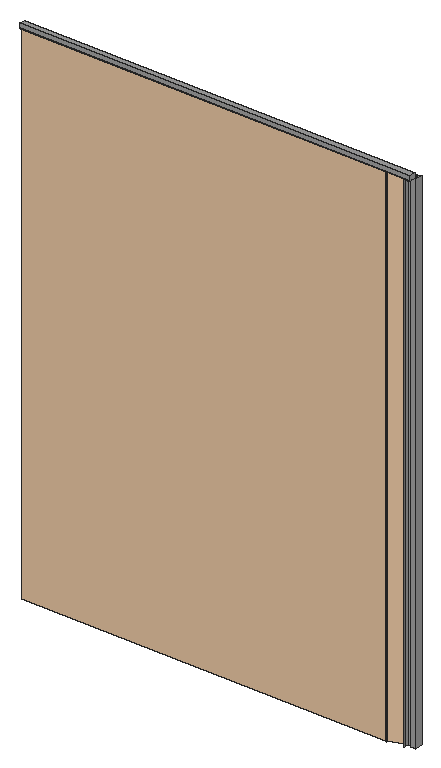
Revit family "Woodfold-Accordion-Door-Family-Series-220", category Doors, host Wall, Revit 2026
Family settings
  Host = Wall
  Always vertical = Yes
  Cut with Voids When Loaded = No
  Shared = No
  Room Calculation Point = No
Parameters (values of type "6'-0" x 8'-0" Surface Mounted")
  URL = "www.woodfold.com"
  Type Comments = "Max Wd. 8'-0\", Max Ht. 8'-0\""
  Track Material = Plastic - Formed Plastic
  Surface Mounted Track = yes
  Stack Dimension = 0.1041 * Width + 0' 2 3/4"  # 0' - 10.2452"
  Recessed Track = no
  Panel Offset from Top = 0' - 1 3/16"
  Panel Material = Woodfold - Cherry
  Panel Connector Material = Plastic - Formed Plastic
  Model = "Series 140"
  Manufacturer = "Woodfold Door"
  Function = Interior
  Frame Visibility = no
  Frame Projection Ext. = 0' - 1"
  Frame Projection Int. = 0' - 1"
  Frame Width = 0' - 3"
  Height = 8' - 0"
  Wall Closure = By host
  Width = 6' - 0"
  Description = "Interior door"
  Assembly Code = ""
Reference planes (in)
  plane 1 "Center (Front/Back)": y = 0
  plane 2 "Center (Left/Right)": x = 0
  plane 3 "Left": x = -36
  plane 4 "Right": x = 36
  plane 5 "Top": z = 96
  plane 6 "Stack End": x = -25.7548
  plane 7 "T.O. Door Panel": z = 94.8125
  plane 8 "Middle": z = 48
Forms (in)
  Extrusion 1, solid, visible <- "Frame Visibility"
    sketch origin (-90, 3, 0) x (-1, 0, 0) y (0, 0, 1)
      loop
        line (-126, 96) -> (-54, 96) -> (-54, 0) -> (-51, 0) -> (-51, 99) -> (-129, 99) -> (-129, 0) -> (-126, 0) -> (-126, 96)
    from 0 to 1
  Extrusion 2, solid, visible <- "Frame Visibility"
    sketch origin (-90, -3, 0) x (1, 0, 0) y (0, 0, 1)
      loop
        line (54, 0) -> (54, 96) -> (126, 96) -> (126, 0) -> (129, 0) -> (129, 99) -> (51, 99) -> (51, 0) -> (54, 0)
    from 0 to 1
  Extrusion 3, solid, material "Woodfold - Cherry" <- "Panel Material", visible <- "Surface Mounted Track"
    sketch origin (0, 0, 0) x (1, 0, 0) y (0, 1, 0)
      loop
        line (-35.75, 0.125) -> (-35.75, 1.75) -> (-36, 1.75) -> (-36, -0.125) -> (31.33602, -0.125) -> (31.33602, 0.125) -> (-35.75, 0.125)
    from 0.5 to 94.8125
  Extrusion 4, solid, material "Plastic - Formed Plastic" <- "Panel Connector Material", visible <- "Surface Mounted Track"
    sketch origin (0, 1.77518, 0) x (1, 0, 0) y (0, 1, 0)
      loop
        line (34.28125, -0.66254) -> (34.28125, -1.33486)
        arc (34.28125, -1.33486) -> (34.32813, -1.47549) -> (34.375, -1.33486) r 0.07812
        line (34.375, -1.33486) -> (34.375, -0.72549) -> (35.125, -0.41883) -> (35.125, -0.95822) -> (36, -0.85827) -> (36, 0.4116) -> (34.8125, -0.07395) -> (34.8125, -0.17523) -> (35.50129, 0.1064) -> (35.59591, -0.125) -> (34.28125, -0.66254)
    from 0.5 to 94.8125
  Extrusion 5, solid, material "Woodfold - Cherry" <- "Panel Material", visible <- "Surface Mounted Track"
    sketch origin (0, 1.77518, 0) x (1, 0, 0) y (0, 1, 0)
      loop
        line (35.50129, 0.1064) -> (31.33602, -1.59669) -> (31.33602, -1.73348)
        arc (31.33602, -1.73348) -> (31.26912, -1.895) -> (31.43064, -1.8281) r 0.09462
        line (31.43064, -1.8281) -> (35.59591, -0.125) -> (35.50129, 0.1064)
    from 0.5 to 94.8125
  Sweep 6, solid, material "Plastic - Formed Plastic" <- "Track Material", visible <- "Surface Mounted Track"
    path origin (0, 0, 0) x (1, 0, 0) y (0, 0, 1)
      loop
        line (36, 96) -> (-36, 96)
    profile origin (0, 0, 96) x (0, 0, -1) y (0, -1, 0)
      loop
        line (0.78289, -0.15789) -> (0.78289, 0.15789) -> (0.9375, 0.3125) -> (0.9375, 0.4375) -> (0.8125, 0.5625) -> (0, 0.5625) -> (0, -0.5625) -> (0.8125, -0.5625) -> (0.9375, -0.4375) -> (0.9375, -0.3125) -> (0.78289, -0.15789)
  Extrusion 7, solid, material "Woodfold - Cherry" <- "Panel Material", visible <- "Recessed Track"
    sketch origin (0, 0, 0) x (1, 0, 0) y (0, 1, 0)
      loop
        line (-35.75, 0.125) -> (-35.75, 1.75) -> (-36, 1.75) -> (-36, -0.125) -> (31.33602, -0.125) -> (31.33602, 0.125) -> (-35.75, 0.125)
    from 0.5 to 96
  Extrusion 8, solid, material "Plastic - Formed Plastic" <- "Panel Connector Material", visible <- "Recessed Track"
    sketch origin (0, 1.77518, 0) x (1, 0, 0) y (0, 1, 0)
      loop
        line (34.28125, -0.66254) -> (34.28125, -1.33486)
        arc (34.28125, -1.33486) -> (34.32813, -1.47549) -> (34.375, -1.33486) r 0.07812
        line (34.375, -1.33486) -> (34.375, -0.72549) -> (35.125, -0.41883) -> (35.125, -0.95822) -> (36, -0.85827) -> (36, 0.4116) -> (34.8125, -0.07395) -> (34.8125, -0.17523) -> (35.50129, 0.1064) -> (35.59591, -0.125) -> (34.28125, -0.66254)
    from 0.5 to 96
  Extrusion 9, solid, material "Woodfold - Cherry" <- "Panel Material", visible <- "Recessed Track"
    sketch origin (0, 1.77518, 0) x (1, 0, 0) y (0, 1, 0)
      loop
        line (35.50129, 0.1064) -> (31.33602, -1.59669) -> (31.33602, -1.73348)
        arc (31.33602, -1.73348) -> (31.26912, -1.895) -> (31.43064, -1.8281) r 0.09462
        line (31.43064, -1.8281) -> (35.59591, -0.125) -> (35.50129, 0.1064)
    from 0.5 to 96
Lines and regions (in)
  Opening 1
    outline origin (-90, -3, 0) x (1, 0, 0) y (0, 0, 1)
      loop
        line (54, 0) -> (126, 0) -> (126, 96) -> (54, 96) -> (54, 0)
  symbolic lines, style "Elevation Swing"
    curve 1: line (36, 0, 0) -> (-36, 0, 48)
    curve 2: line (-36, 0, 48) -> (36, 0, 96)
Text (in)
  text "Exterior" at (-74.96733, 27.31104, 0), in view "Ref. Level"
  text "Interior" at (-74.96733, -25.14366, 0), in view "Ref. Level"
  text "Exterior" at (0, 40.15149, 123.01588), in view "Right"
  text "Interior" at (0, -64.39139, 123.01588), in view "Right"
  text "Interior" at (0, -31.01599, 123.00693), in view "Left"
  text "Exterior" at (0, 54.57065, 123.00693), in view "Left"
Dimensions and locks (in)
  equal spacing: plane 3 "Left", plane 2 "Center (Left/Right)", plane 4 "Right"
  "Height": level to plane 5 "Top"
  "Width": plane 3 "Left" to plane 4 "Right"
  "Frame Width": Extrusion 2 sketch curve to plane 3 "Left"
  "Frame Width": Extrusion 2 sketch curve to plane 4 "Right"
  "Frame Width": Extrusion 2 sketch curve to plane 5 "Top"
  "Frame Width": Extrusion 1 sketch curve to Extrusion 1 sketch curve  (x2)
  "Frame Width": Extrusion 1 sketch curve to plane 5 "Top"
  "Frame Projection Int.": Extrusion 2 to host wall
  "Frame Projection Ext.": Extrusion 1 to host wall
  level to Extrusion 3 = 0' - 0 1/2"
  "Stack Dimension": plane 3 "Left" to plane 6 "Stack End"
  "Panel Offset from Top": plane 7 "T.O. Door Panel" to plane 5 "Top"
  equal spacing: level, plane 8 "Middle", plane 5 "Top"
  aligned and locked: plane 3 "Left" to Opening 1 sketch curve
  aligned and locked: plane 5 "Top" to Opening 1 sketch curve  (x2)
  aligned and locked: Opening 1 sketch curve to plane 4 "Right"
  aligned and locked: Opening 1 sketch curve to level
  aligned and locked: plane 5 "Top" to Extrusion 1 sketch curve  (x2)
  aligned and locked: plane 3 "Left" to Extrusion 1 sketch curve
  aligned and locked: Extrusion 1 sketch curve to plane 3 "Left"
  aligned and locked: level to Extrusion 1 sketch curve
  aligned and locked: plane 4 "Right" to Extrusion 1 sketch curve
  aligned and locked: Extrusion 1 to host wall
  aligned and locked: plane 3 "Left" to Extrusion 2 sketch curve
  aligned and locked: plane 5 "Top" to Extrusion 2 sketch curve  (x2)
  aligned and locked: plane 4 "Right" to Extrusion 2 sketch curve  (x2)
  aligned and locked: level to Extrusion 2 sketch curve
  aligned and locked: Extrusion 2 sketch curve to level
  aligned and locked: Extrusion 2 to host wall
  aligned and locked: nested 1 to plane 3 "Left"
  aligned and locked: nested 2 to nested 1
  aligned and locked: nested 2 to plane 6 "Stack End"
  aligned and locked: nested 2 to plane 3 "Left"
  aligned and locked: Extrusion 4 to Extrusion 3
  aligned and locked: Extrusion 5 to Extrusion 3
  aligned and locked: Extrusion 4 to plane 4 "Right"
  aligned and locked: Extrusion 5 to Extrusion 4
  aligned and locked: plane 5 "Top" to Sweep 6 sketch curve
  aligned and locked: plane 4 "Right" to Sweep 6 sketch curve
  aligned and locked: plane 3 "Left" to Sweep 6 sketch curve
  aligned and locked: Extrusion 3 to Extrusion 5  (x2)
  aligned and locked: plane 5 "Top" to nested 3
  aligned and locked: level to nested 3
  aligned and locked: nested 4 to plane 5 "Top"
  aligned and locked: level to nested 4
  aligned and locked: plane 7 "T.O. Door Panel" to Extrusion 5
  aligned and locked: Extrusion 3 to Extrusion 4
  aligned and locked: Extrusion 8 to Extrusion 7
  aligned and locked: Extrusion 9 to Extrusion 7
  aligned and locked: Extrusion 9 to Extrusion 8
  aligned and locked: Extrusion 7 to Extrusion 9
  aligned and locked: Extrusion 7 to Extrusion 8
Automatic sketch dimensions
  Extrusion 1 sketch curve to level = 0' - 0"
  Extrusion 2 sketch curve to level = 0' - 0"
  Extrusion 4 sketch curve to Extrusion 4 sketch curve = 0' - 0.67233"
  Extrusion 4 sketch curve to Extrusion 4 sketch curve = 0' - 0 3/64"  (x2)
  Extrusion 4 sketch curve to Extrusion 4 sketch curve = 0' - 0 1/16"
  Extrusion 4 sketch curve to Extrusion 4 sketch curve = 0' - 0.06295"
  Extrusion 4 sketch curve to host wall = 0' - 1.35635"
  Extrusion 4 sketch curve to Extrusion 4 sketch curve = 0' - 0.5394"
  Extrusion 4 sketch curve to Extrusion 4 sketch curve = 0' - 0.09996"
  Extrusion 4 sketch curve to host wall = 0' - 2.18677"
  Extrusion 4 sketch curve to host wall = 0' - 1.70123"
  Extrusion 4 sketch curve to Extrusion 4 sketch curve = 0' - 0 5/16"
  plane 4 "Right" to Extrusion 4 sketch curve = 0' - 0"
  Extrusion 4 sketch curve to Extrusion 4 sketch curve = 0' - 0.10128"
  Extrusion 4 sketch curve to host wall = 0' - 1.11264"
  Extrusion 4 sketch curve to host wall = 0' - 1.65018"
  Extrusion 4 sketch curve to host wall = 0' - 1.88158"
  Extrusion 4 sketch curve to Extrusion 4 sketch curve = 0' - 0.49871"
  Extrusion 4 sketch curve to Extrusion 4 sketch curve = 0' - 0.09462"
  Extrusion 3 sketch curve to plane 3 "Left" = 0' - 0"
  Extrusion 3 sketch curve to plane 3 "Left" = 0' - 0 1/4"
  host wall to Extrusion 3 sketch curve = 0' - 0 1/8"
  plane 4 "Right" to Extrusion 3 sketch curve = 0' - 4.66398"
  Extrusion 3 sketch curve to host wall = 0' - 0 1/8"
  Extrusion 3 sketch curve to host wall = 0' - 1 1/4"
  Extrusion 5 sketch curve to host wall = 0' - 0.0417"
  plane 4 "Right" to Extrusion 5 sketch curve = 0' - 4.66398"
  Extrusion 5 sketch curve to host wall = 0' - 0.17848"
  host wall to Extrusion 5 sketch curve = 0' - 0.05292"
  plane 4 "Right" to Extrusion 5 sketch curve = 0' - 0.49871"
  Extrusion 5 sketch curve to Extrusion 5 sketch curve = 0' - 0.09462"
  curve 1 to plane 3 "Left" = 0' - 0"
  curve 2 to plane 4 "Right" = 0' - 0"
  curve 1 to level = 0' - 0"
  curve 1 to plane 4 "Right" = 0' - 0"
  curve 1 to plane 8 "Middle" = 0' - 0"
  curve 2 to plane 5 "Top" = 0' - 0"
  Sweep 6 sketch curve to profile plane = 0' - 0"
  Sweep 6 sketch curve to plane 1 "Center (Front/Back)" = 0' - 0.15789"
  Sweep 6 sketch curve to profile plane = 0' - 0.78289"
  plane 1 "Center (Front/Back)" to Sweep 6 sketch curve = 0' - 0.15789"
  Sweep 6 sketch curve to Sweep 6 sketch curve = 0' - 0.02961"  (x2)
  Sweep 6 sketch curve to plane 1 "Center (Front/Back)" = 0' - 0 7/16"
  Sweep 6 sketch curve to Sweep 6 sketch curve = 0' - 0 1/8"  (x5)
  Sweep 6 sketch curve to plane 1 "Center (Front/Back)" = 0' - 0 9/16"
  Sweep 6 sketch curve to Sweep 6 sketch curve = 0' - 0.15461"
  Extrusion 7 sketch curve to plane 3 "Left" = 0' - 0"
  Extrusion 7 sketch curve to plane 3 "Left" = 0' - 0 1/4"
  Extrusion 7 sketch curve to host wall = 0' - 0 1/8"
  plane 4 "Right" to Extrusion 7 sketch curve = 0' - 4.66398"
  host wall to Extrusion 7 sketch curve = 0' - 0 1/8"
  Extrusion 7 sketch curve to host wall = 0' - 1 1/4"
  Extrusion 8 sketch curve to plane 4 "Right" = 0' - 0"
  plane 4 "Right" to Extrusion 8 sketch curve = 0' - 0.40409"
  Extrusion 8 sketch curve to Extrusion 8 sketch curve = 0' - 0.09462"
  Extrusion 8 sketch curve to Extrusion 8 sketch curve = 0' - 0.47091"
  Extrusion 8 sketch curve to Extrusion 8 sketch curve = 0' - 0 5/16"
  Extrusion 8 sketch curve to Extrusion 8 sketch curve = 0' - 0 3/4"
  Extrusion 8 sketch curve to Extrusion 8 sketch curve = 0' - 0 3/64"  (x2)
  Extrusion 8 sketch curve to host wall = 0' - 0.37781"
  Extrusion 8 sketch curve to Extrusion 8 sketch curve = 0' - 0 1/16"
  Extrusion 8 sketch curve to host wall = 0' - 0.81695"
  Extrusion 8 sketch curve to Extrusion 8 sketch curve = 0' - 0.09996"
  Extrusion 8 sketch curve to Extrusion 8 sketch curve = 0' - 0 39/64"
  Extrusion 8 sketch curve to Extrusion 8 sketch curve = 0' - 0.06295"
  Extrusion 8 sketch curve to Extrusion 8 sketch curve = 0' - 0.5394"
  Extrusion 8 sketch curve to Extrusion 8 sketch curve = 0' - 0.2436"
  Extrusion 8 sketch curve to Extrusion 8 sketch curve = 0' - 0.10128"
  Extrusion 8 sketch curve to Extrusion 8 sketch curve = 0' - 0.3052"
  Extrusion 9 sketch curve to host wall = 0' - 0.0417"
  plane 4 "Right" to Extrusion 9 sketch curve = 0' - 4.66398"
  host wall to Extrusion 9 sketch curve = 0' - 0.05292"
  plane 4 "Right" to Extrusion 9 sketch curve = 0' - 0.49871"
  Extrusion 9 sketch curve to Extrusion 9 sketch curve = 0' - 0.09462"
  Extrusion 9 sketch curve to Extrusion 9 sketch curve = 0' - 0.13679"
Nested families (in)
  nested 1: "Detail - Jamb Plate" at (-36, 0, 0) x (0, 1, 0) z (0, 0, 1), type "Detail - Jamb Plate"
  nested 2: "Detail - Stacked Panels with Handle 140" at (-36, 0, 0), type "Detail - Stacked Panels with Handle 140"
    with built-in parameter 1001306 0.85377 (stored number, unit not read)
  nested 3: "Detail - Panel Section - Surface Mounted Track" at (0, 0, 96) x (0, 0, -1) z (1, 0, 0), visible <- "Surface Mounted Track", type "Detail - Panel Section"
    with Panel Finish yes, built-in parameter 1001306 8 (stored number, unit not read)
  nested 4: "Detail - Panel Section - Recessed Track" at (0, 0, 96.75) x (0, 0, -1) z (1, 0, 0), visible <- "Recessed Track", type "Detail - Panel Section"
    with Panel Finish yes, built-in parameter 1001306 8.0625 (stored number, unit not read)
Definition of nested family "Detail - Jamb Plate"
  Parameters
    Assembly Code = ""
  Reference planes (in)
    plane 1 "Center (Front/Back)": y = 0
    plane 2: z = 0
    plane 3 "Center (Left/Right)": x = 0
  Lines and regions (in)
    Filled region 1, type "Steel", in view "Ref. Level"
      outline origin (0, 0, 0) x (1, 0, 0) y (0, 1, 0)
        loop
          line (0, 0) -> (1.75, 0) -> (1.75, 0.25) -> (0, 0.25) -> (0, 0)
  Nested families (in)
    nested 1: "Wood Screw" at (0.875, -0.75, 0), type "Wood Screw", in view "Ref. Level"
  Definition of nested family "Wood Screw"
    Parameters
      Length = 0' - 1"
    Reference planes (in)
      plane 1 "Center (Front/Back)": y = 0
      plane 2: z = 0
      plane 3 "Center (Left/Right)": x = 0
      plane 4: y = 1
      plane 5: y = 0.875
    Lines and regions (in)
      detail lines, in view "Ref. Level"
        curve 1: line (-0.1875, 1, 0) -> (0.1875, 1, 0)
        curve 2: line (0.1875, 1, 0) -> (0.0625, 0.875, 0)
        curve 3: line (0.0625, 0.875, 0) -> (0.0625, 0.0625, 0)
        curve 4: line (0.0625, 0.0625, 0) -> (0, 0, 0)
        curve 5: line (-0.1875, 1, 0) -> (-0.0625, 0.875, 0)
        curve 6: line (-0.0625, 0.875, 0) -> (-0.0625, 0.0625, 0)
        curve 7: line (-0.0625, 0.0625, 0) -> (0, 0, 0)
      detail lines, in view "Ref. Level", not visible
        curve 8: line (-0.1875, 0.9375, 0) -> (0.1875, 0.9375, 0)
        curve 9: line (0.1875, 0.9375, 0) -> (0.0625, 0.8125, 0)
        curve 10: line (-0.1875, 0.9375, 0) -> (-0.0625, 0.8125, 0)
    Dimensions and locks (in)
      locked: plane 4 to plane 5 at 0.125
      "Length": plane 4 to plane 1 "Center (Front/Back)"
      aligned and locked: curve 1 to plane 4
      aligned and locked: plane 5 to curve 3
      aligned and locked: plane 5 to curve 6
    Automatic sketch dimensions
      curve 4 to plane 1 "Center (Front/Back)" = 0' - 0"
      curve 4 to plane 3 "Center (Left/Right)" = 0' - 0"
      curve 6 to plane 3 "Center (Left/Right)" = 0' - 0 1/16"
      plane 3 "Center (Left/Right)" to curve 4 = 0' - 0 1/16"
      curve 4 to plane 1 "Center (Front/Back)" = 0' - 0 1/16"
Definition of nested family "Detail - Stacked Panels with Handle 140"
  Parameters
    built-in parameter 1001306 [instance] = 1' - 0"
  Reference planes (in)
    plane 1 "Center (Front/Back)": y = 0
    plane 2: z = 0
    plane 3 "Left": x = 0
    plane 4 "Right": x = 12
    plane 5: y = 1.98413
  Lines and regions (in)
    reference lines, in view "Ref. Level"
      curve 1: line (0, 0, 0) -> (12, 0, 0)
  Dimensions and locks (in)
    "built-in parameter 1001306": plane 3 "Left" to plane 4 "Right"
    locked: nested 1 to plane 4 "Right" at 1.26563
    aligned and locked: plane 1 "Center (Front/Back)" to curve 1
    aligned and locked: plane 4 "Right" to curve 1
    aligned and locked: plane 3 "Left" to curve 1
    aligned and locked: plane 4 "Right" to nested 2
  Nested families (in)
    nested 1: "Detail - Stacked Panels 140" at (0.00634, 0, 0), type "Detail - Stacked Panels", in view "Ref. Level"
      with built-in parameter 1001306 0' - 10.72803"
    nested 2: "Detail - Swept Wing Handle" at (11.05783, 1.9897, 0) x (0.888, 0.4599, 0) z (0, 0, 1), type "Detail - Swept Wing Handle", in view "Ref. Level"
  Definition of nested family "Detail - Stacked Panels 140"
    Parameters
      built-in parameter 1001306 [instance] = 2' - 0"
      Assembly Code = ""
    Reference planes (in)
      plane 1 "Center (Front/Back)": y = 0
      plane 2: z = 0
      plane 3 "Left": x = 0
      plane 4 "Right": x = 24
      plane 5: x = 0.25
    Lines and regions (in)
      Filled region 1, type "Panel Lines", in view "Ref. Level"
        outline origin (0.25, 0, 0) x (1, 0, 0) y (0, 1, 0)
          loop
            line (0, 2.25) -> (0, -2.25) -> (23.75, -2.25) -> (23.75, 2.25) -> (0, 2.25)
      Filled region 2, type "Panel Lines", in view "Ref. Level"
        outline origin (0, 0, 0) x (1, 0, 0) y (0, 1, 0)
          loop
            line (0.25, 2.25) -> (0.25, 0) -> (0, 0) -> (0, -2.25) -> (24, -2.25) -> (24, 2.25) -> (0.25, 2.25)
      reference lines, in view "Ref. Level"
        curve 1: line (0, 0, 0) -> (24, 0, 0)
        curve 2: line (0.25, -4, 0) -> (24, -4, 0)
      detail lines, in view "Ref. Level"
        curve 3: circle (24, -2.25, 0) r 0.125 normal (0, 0, 1)
        curve 4: line (24, -2.25, 0) -> (24.19427, 1.99556, 0)
        curve 5: line (24.24974, -2.26143, 0) -> (24.44401, 1.98413, 0)
        curve 6: line (24, -2.25, 0) -> (24.24974, -2.26143, 0)
        curve 7: line (24.19427, 1.99556, 0) -> (24.44401, 1.98413, 0)
      detail lines, in view "Ref. Level", not visible
        curve 8: line (23.75, -2.25, 0) -> (23.94427, 1.99556, 0)
        curve 9: line (23.99974, -2.26143, 0) -> (24.19401, 1.98413, 0)
        curve 10: line (23.75, -2.25, 0) -> (23.99974, -2.26143, 0)
        curve 11: line (23.94427, 1.99556, 0) -> (24.19401, 1.98413, 0)
    Dimensions and locks (in)
      "built-in parameter 1001306": plane 3 "Left" to plane 4 "Right"
      aligned and locked: plane 1 "Center (Front/Back)" to curve 1
      aligned and locked: plane 3 "Left" to curve 1
      aligned and locked: plane 5 to curve 2
      aligned and locked: plane 4 "Right" to curve 2
      aligned and locked: plane 3 "Left" to Filled region 2 sketch curve
      aligned and locked: Filled region 2 sketch curve to plane 5
      aligned and locked: Filled region 1 to plane 5
      aligned and locked: Filled region 2 to curve 1
      aligned and locked: Filled region 1 to curve 1
      aligned and locked: plane 4 "Right" to curve 6
    Automatic sketch dimensions
      curve 1 to plane 4 "Right" = 0' - 0"
      plane 1 "Center (Front/Back)" to curve 2 = 0' - 4"
      Filled region 2 sketch curve to plane 1 "Center (Front/Back)" = 0' - 0"
      Filled region 2 sketch curve to Filled region 2 sketch curve = 0' - 2 1/4"
      plane 4 "Right" to Filled region 2 sketch curve = 0' - 0"
      Filled region 2 sketch curve to Filled region 2 sketch curve = 0' - 4 1/2"
      Filled region 1 sketch curve to plane 5 = 0' - 0"
      plane 4 "Right" to Filled region 1 sketch curve = 0' - 0"
      plane 1 "Center (Front/Back)" to Filled region 1 sketch curve = 0' - 2 1/4"
      Filled region 1 sketch curve to plane 1 "Center (Front/Back)" = 0' - 2 1/4"
      curve 3 to plane 4 "Right" = 0' - 0"
      plane 1 "Center (Front/Back)" to curve 3 = 0' - 2 1/4"
      radius of curve 3 = 0' - 0 1/8"
  Definition of nested family "Detail - Swept Wing Handle"
    Reference planes (in)
      plane 1 "Center (Front/Back)": y = 0
      plane 2: z = 0
      plane 3 "Center (Left/Right)": x = 0
      plane 4: x = 0.85276
      plane 5: through (0.84137, -0.42413, 48) normal (-0.888, 0.4599, 0)
      plane 6: through (0.31408, -0.18135, 48) normal (-0.5, -0.866, 0)
    Lines and regions (in)
      model lines, in view "Ref. Level"
        curve 1: arc (-0.58388, -1.25447, 0) -> (-0.59211, -1.28995, 0) -> (-0.57917, -1.324, 0) r 0.0625
        curve 2: arc (-0.19318, -1.82236, 0) -> (-0.07001, -1.90483, 0) -> (-0.11906, -1.76495, 0) r 0.07812
        curve 3: arc (-0.4665, -1.31636, 0) -> (-0.47945, -1.28232, 0) -> (-0.47122, -1.24684, 0) r 0.0625
        curve 4: arc (0.20037, -0.95255, 0) -> (0.24544, -0.97663, 0) -> (0.29341, -0.95903, 0) r 0.0625
        curve 5: arc (0.8339, -0.43204, 0) -> (0.85261, -0.39163, 0) -> (0.83968, -0.34902, 0) r 0.0625
        curve 6: arc (0.15324, 0.53726, 0) -> (0.0996, 0.56134, 0) -> (0.0497, 0.53024, 0) r 0.0625
        curve 7: arc (-0.53479, -0.482, 0) -> (-0.5389, -0.49974, 0) -> (-0.53243, -0.51676, 0) r 0.03125
        curve 8: arc (0.08434, 0.40276, 0) -> (0.10929, 0.41831, 0) -> (0.13611, 0.40626, 0) r 0.03125
        curve 9: arc (0.2473, 0.2627, 0) -> (0.26025, 0.22866, 0) -> (0.25201, 0.19318, 0) r 0.0625
        curve 10: line (-0.57917, -1.324, 0) -> (-0.19318, -1.82236, 0)
        curve 11: line (-0.11906, -1.76495, 0) -> (-0.4665, -1.31636, 0)
        curve 12: line (-0.47122, -1.24684, 0) -> (-0.08703, -0.58148, 0)
        curve 13: line (-0.08703, -0.58148, 0) -> (0.20037, -0.95255, 0)
        curve 14: line (0.29341, -0.95903, 0) -> (0.8339, -0.43204, 0)
        curve 15: line (0.83968, -0.34902, 0) -> (0.15324, 0.53726, 0)
        curve 16: line (0.0497, 0.53024, 0) -> (-0.53479, -0.482, 0)
        curve 17: line (-0.53243, -0.51676, 0) -> (-0.48326, -0.58025, 0)
        curve 18: line (-0.48326, -0.58025, 0) -> (-0.43862, -0.5342, 0)
        curve 19: line (-0.43862, -0.5342, 0) -> (-0.45216, -0.52638, 0)
        curve 20: line (-0.45216, -0.52638, 0) -> (-0.40735, -0.44878, 0)
        curve 21: line (-0.40735, -0.44878, 0) -> (-0.39382, -0.4566, 0)
        curve 22: line (-0.39382, -0.4566, 0) -> (-0.386, -0.44306, 0)
        curve 23: line (-0.386, -0.44306, 0) -> (-0.39953, -0.43525, 0)
        curve 24: line (-0.39953, -0.43525, 0) -> (-0.35863, -0.36442, 0)
        curve 25: line (-0.35863, -0.36442, 0) -> (-0.3451, -0.37223, 0)
        curve 26: line (-0.3451, -0.37223, 0) -> (-0.33729, -0.3587, 0)
        curve 27: line (-0.33729, -0.3587, 0) -> (-0.35082, -0.35088, 0)
        curve 28: line (-0.35082, -0.35088, 0) -> (-0.30992, -0.28005, 0)
        curve 29: line (-0.30992, -0.28005, 0) -> (-0.29639, -0.28786, 0)
        curve 30: line (-0.29639, -0.28786, 0) -> (-0.28857, -0.27433, 0)
        curve 31: line (-0.28857, -0.27433, 0) -> (-0.30211, -0.26652, 0)
        curve 32: line (-0.30211, -0.26652, 0) -> (-0.2612, -0.19568, 0)
        curve 33: line (-0.2612, -0.19568, 0) -> (-0.24767, -0.2035, 0)
        curve 34: line (-0.24767, -0.2035, 0) -> (-0.23986, -0.18996, 0)
        curve 35: line (-0.23986, -0.18996, 0) -> (-0.25339, -0.18215, 0)
        curve 36: line (-0.25339, -0.18215, 0) -> (-0.21249, -0.11132, 0)
        curve 37: line (-0.21249, -0.11132, 0) -> (-0.19896, -0.11913, 0)
        curve 38: line (-0.19896, -0.11913, 0) -> (-0.19115, -0.1056, 0)
        curve 39: line (-0.19115, -0.1056, 0) -> (-0.20468, -0.09779, 0)
        curve 40: line (-0.20468, -0.09779, 0) -> (-0.16378, -0.02695, 0)
        curve 41: line (-0.16378, -0.02695, 0) -> (-0.15024, -0.03476, 0)
        curve 42: line (-0.15024, -0.03476, 0) -> (-0.14243, -0.02123, 0)
        curve 43: line (-0.14243, -0.02123, 0) -> (-0.15596, -0.01342, 0)
        curve 44: line (-0.15596, -0.01342, 0) -> (-0.11115, 0.06418, 0)
        curve 45: line (-0.11115, 0.06418, 0) -> (-0.05703, 0.03293, 0)
        curve 46: line (-0.05703, 0.03293, 0) -> (-0.02578, 0.08705, 0)
        curve 47: line (-0.02578, 0.08705, 0) -> (-0.0799, 0.11831, 0)
        curve 48: line (-0.0799, 0.11831, 0) -> (0.08434, 0.40276, 0)
        curve 49: line (0.13611, 0.40626, 0) -> (0.2473, 0.2627, 0)
        curve 50: line (0.25201, 0.19318, 0) -> (0.1366, -0.0067, 0)
        curve 51: line (0.1366, -0.0067, 0) -> (0.08247, 0.02455, 0)
        curve 52: line (0.08247, 0.02455, 0) -> (0.05122, -0.02958, 0)
        curve 53: line (0.05122, -0.02958, 0) -> (0.10535, -0.06083, 0)
        curve 54: line (0.10535, -0.06083, 0) -> (0.06054, -0.13843, 0)
        curve 55: line (0.06054, -0.13843, 0) -> (0.04701, -0.13062, 0)
        curve 56: line (0.04701, -0.13062, 0) -> (0.03919, -0.14415, 0)
        curve 57: line (0.03919, -0.14415, 0) -> (0.05272, -0.15196, 0)
        curve 58: line (0.05272, -0.15196, 0) -> (0.01182, -0.2228, 0)
        curve 59: line (0.01182, -0.2228, 0) -> (-0.00171, -0.21498, 0)
        curve 60: line (-0.00171, -0.21498, 0) -> (-0.00952, -0.22851, 0)
        curve 61: line (-0.00952, -0.22851, 0) -> (0.00401, -0.23633, 0)
        curve 62: line (0.00401, -0.23633, 0) -> (-0.03689, -0.30716, 0)
        curve 63: line (-0.03689, -0.30716, 0) -> (-0.05042, -0.29935, 0)
        curve 64: line (-0.05042, -0.29935, 0) -> (-0.05824, -0.31288, 0)
        curve 65: line (-0.05824, -0.31288, 0) -> (-0.0447, -0.32069, 0)
        curve 66: line (-0.0447, -0.32069, 0) -> (-0.08561, -0.39153, 0)
        curve 67: line (-0.08561, -0.39153, 0) -> (-0.09914, -0.38372, 0)
        curve 68: line (-0.09914, -0.38372, 0) -> (-0.10695, -0.39725, 0)
        curve 69: line (-0.10695, -0.39725, 0) -> (-0.09342, -0.40506, 0)
        curve 70: line (-0.09342, -0.40506, 0) -> (-0.13432, -0.4759, 0)
        curve 71: line (-0.13432, -0.4759, 0) -> (-0.14785, -0.46808, 0)
        curve 72: line (-0.14785, -0.46808, 0) -> (-0.15566, -0.48161, 0)
        curve 73: line (-0.15566, -0.48161, 0) -> (-0.14213, -0.48943, 0)
        curve 74: line (-0.14213, -0.48943, 0) -> (-0.18303, -0.56026, 0)
        curve 75: line (-0.18303, -0.56026, 0) -> (-0.19657, -0.55245, 0)
        curve 76: line (-0.19657, -0.55245, 0) -> (-0.20438, -0.56598, 0)
        curve 77: line (-0.20438, -0.56598, 0) -> (-0.19085, -0.57379, 0)
        curve 78: line (-0.19085, -0.57379, 0) -> (-0.23566, -0.65139, 0)
        curve 79: line (-0.23566, -0.65139, 0) -> (-0.24919, -0.64358, 0)
        curve 80: line (-0.24919, -0.64358, 0) -> (-0.257, -0.65711, 0)
        curve 81: line (-0.257, -0.65711, 0) -> (-0.24347, -0.66492, 0)
        curve 82: line (-0.24347, -0.66492, 0) -> (-0.58388, -1.25447, 0)
        curve 83: line (0.54936, -0.22936, 0) -> (0.59441, -0.18545, 0)
        curve 84: line (0.59441, -0.18545, 0) -> (0.33502, 0.14945, 0)
        curve 85: line (0.33502, 0.14945, 0) -> (-0.03639, -0.49377, 0)
        curve 86: line (-0.03639, -0.49377, 0) -> (0.25304, -0.86745, 0)
        curve 87: line (0.25304, -0.86745, 0) -> (0.74848, -0.38438, 0)
        curve 88: line (0.74848, -0.38438, 0) -> (0.70997, -0.33465, 0)
        curve 89: line (0.70997, -0.33465, 0) -> (0.66492, -0.37856, 0)
        curve 90: line (0.66492, -0.37856, 0) -> (0.6264, -0.32883, 0)
        curve 91: line (0.6264, -0.32883, 0) -> (0.67145, -0.28492, 0)
        curve 92: line (0.67145, -0.28492, 0) -> (0.63293, -0.23518, 0)
        curve 93: line (0.63293, -0.23518, 0) -> (0.58788, -0.2791, 0)
        curve 94: line (0.58788, -0.2791, 0) -> (0.54936, -0.22936, 0)
        curve 95: line (0.27982, -0.28485, 0) -> (0.57048, -0.00145, 0)
        curve 96: line (0.37131, -0.40297, 0) -> (0.66197, -0.11957, 0)
        curve 97: line (0.66197, -0.11957, 0) -> (0.37131, -0.40297, 0)
        curve 98: line (0.37131, -0.40297, 0) -> (0.26088, -0.2604, 0)
        curve 99: line (0.26088, -0.2604, 0) -> (0.55154, 0.023, 0)
        curve 100: line (0.3508, -0.3765, 0) -> (0.64146, -0.0931, 0)
    Dimensions and locks (in)
      aligned: curve 45 to plane 6
Definition of nested family "Detail - Panel Section - Surface Mounted Track"
  Parameters
    Panel Finish [instance] = yes
    built-in parameter 1001306 [instance] = 4' - 0"
    Assembly Code = ""
  Reference planes (in)
    plane 1 "Center (Front/Back)": y = 0
    plane 2: z = 0
    plane 3 "Left": x = 0
    plane 4 "Right": x = 48
    plane 5: x = 46.955
  Lines and regions (in)
    Filled region 1, type "Wood - Finish", in view "Ref. Level", visible <- "Panel Finish"
      outline origin (-14.66362, 0, 0) x (0, 1, 0) y (-1, 0, 0)
        loop
          line (-2.22816, -16.27095) -> (-2.22816, -61.61862) -> (2.2317, -61.61862) -> (2.2317, -16.27095) -> (-2.22816, -16.27095)
    reference lines, in view "Ref. Level"
      curve 1: line (0, 0, 0) -> (48, 0, 0)
    detail lines, in view "Ref. Level"
      curve 2: arc (1.1875, -2.199, 0) -> (1.15228, -2.28802, 0) -> (1.1875, -2.37703, 0) r 0.13011
      curve 3: line (1.20858, -2.21839, 0) -> (1.20858, -2.35623, 0)
      curve 4: line (1.20858, -2.28816, 0) -> (1.52613, -2.28816, 0)
      curve 5: arc (1.48757, -2.22839, 0) -> (1.54757, -2.29208, 0) -> (1.60733, -2.22816, 0) r 0.06
      curve 6: line (1.2475, -2.25816, 0) -> (1.49343, -2.25816, 0)
      curve 7: line (1.48757, -2.22839, 0) -> (1.20858, -2.22816, 0)
      curve 8: line (46.99371, -2.28816, 0) -> (1.56879, -2.28816, 0)
      curve 9: line (46.96101, -2.25816, 0) -> (1.60149, -2.25816, 0)
      curve 10: line (1.48739, -2.17209, 0) -> (1.48739, -2.22839, 0)
      curve 11: line (1.1875, -2.17209, 0) -> (1.48739, -2.17209, 0)
      curve 12: line (1.1875, -2.40479, 0) -> (1.1875, 2.40479, 0)
      curve 13: arc (1.60733, -1.14507, 0) -> (1.58503, -1.18941, 0) -> (1.60733, -1.23375, 0) r 0.05523
      curve 14: arc (1.60733, -0.39507, 0) -> (1.58503, -0.43941, 0) -> (1.60733, -0.48375, 0) r 0.05523
      curve 15: arc (1.60733, 0.47493, 0) -> (1.58503, 0.43059, 0) -> (1.60733, 0.38625, 0) r 0.05523
      curve 16: arc (1.60733, 1.22493, 0) -> (1.58503, 1.18059, 0) -> (1.60733, 1.13625, 0) r 0.05523
      curve 17: arc (1.60733, 2.11585, 0) -> (1.59138, 2.14854, 0) -> (1.5575, 2.16176, 0) r 0.05
      curve 18: line (1.1875, 2.16176, 0) -> (1.5575, 2.16176, 0)
      curve 19: arc (1.48739, 1.34792, 0) -> (1.54739, 1.40792, 0) -> (1.48739, 1.46792, 0) r 0.06
      curve 20: arc (1.48739, 1.46792, 0) -> (1.42739, 1.40792, 0) -> (1.48739, 1.34792, 0) r 0.06
      curve 21: arc (1.48739, -1.44643, 0) -> (1.54739, -1.38643, 0) -> (1.48739, -1.32643, 0) r 0.06
      curve 22: arc (1.48739, -1.32643, 0) -> (1.42739, -1.38643, 0) -> (1.48739, -1.44643, 0) r 0.06
      curve 23: arc (1.1875, 2.199, 0) -> (1.15228, 2.28802, 0) -> (1.1875, 2.37703, 0) r 0.13011
      curve 24: line (1.20858, 2.21839, 0) -> (1.20858, 2.35623, 0)
      curve 25: line (1.20858, 2.29161, 0) -> (47.35392, 2.29161, 0)
      curve 26: line (1.24866, 2.26161, 0) -> (47.32358, 2.26161, 0)
      curve 27: line (1.60733, 2.22816, 0) -> (1.20858, 2.22816, 0)
      curve 28: arc (47.375, -2.199, 0) -> (47.41022, -2.28802, 0) -> (47.375, -2.37703, 0) r 0.13011
      curve 29: line (47.35392, -2.21839, 0) -> (47.35392, -2.35623, 0)
      curve 30: line (47.35392, -2.28816, 0) -> (47.03637, -2.28816, 0)
      curve 31: arc (47.07493, -2.22839, 0) -> (47.01689, -2.29205, 0) -> (46.95504, -2.23208, 0) r 0.06
      curve 32: line (47.315, -2.25816, 0) -> (47.06907, -2.25816, 0)
      curve 33: line (47.07493, -2.22839, 0) -> (47.35392, -2.22816, 0)
      curve 34: line (47.07511, -2.17209, 0) -> (47.07511, -2.22839, 0)
      curve 35: line (47.375, -2.17209, 0) -> (47.07511, -2.17209, 0)
      curve 36: line (47.375, -2.40479, 0) -> (47.375, 2.40479, 0)
      curve 37: arc (46.955, -1.14495, 0) -> (46.97747, -1.18941, 0) -> (46.955, -1.23387, 0) r 0.05523
      curve 38: arc (46.955, -0.39495, 0) -> (46.97747, -0.43941, 0) -> (46.955, -0.48387, 0) r 0.05523
      curve 39: arc (46.955, 0.47505, 0) -> (46.97747, 0.43059, 0) -> (46.955, 0.38613, 0) r 0.05523
      curve 40: arc (46.955, 1.22505, 0) -> (46.97747, 1.18059, 0) -> (46.955, 1.13613, 0) r 0.05523
      curve 41: arc (46.955, 2.11176, 0) -> (46.96964, 2.14712, 0) -> (47.005, 2.16176, 0) r 0.05
      curve 42: line (47.375, 2.16176, 0) -> (47.005, 2.16176, 0)
      curve 43: arc (47.07511, 1.34792, 0) -> (47.01511, 1.40792, 0) -> (47.07511, 1.46792, 0) r 0.06
      curve 44: arc (47.07511, 1.46792, 0) -> (47.13511, 1.40792, 0) -> (47.07511, 1.34792, 0) r 0.06
      curve 45: arc (47.07511, -1.44643, 0) -> (47.01511, -1.38643, 0) -> (47.07511, -1.32643, 0) r 0.06
      curve 46: arc (47.07511, -1.32643, 0) -> (47.13511, -1.38643, 0) -> (47.07511, -1.44643, 0) r 0.06
      curve 47: arc (47.375, 2.199, 0) -> (47.41022, 2.28802, 0) -> (47.375, 2.37703, 0) r 0.13011
      curve 48: line (47.35392, 2.21839, 0) -> (47.35392, 2.35623, 0)
      curve 49: line (47.35392, 2.22816, 0) -> (46.955, 2.22816, 0)
      curve 94: line (48, -2.40479, 0) -> (48, 2.34521, 0)
      curve 96: line (46.955, -2.23208, 0) -> (46.955, 2.11176, 0)
      curve 98: line (1.60733, -2.22816, 0) -> (1.60733, 2.11585, 0)
    detail lines, in view "Ref. Level", not visible
      curve 50: arc (0, -2.199, 0) -> (-0.03522, -2.28802, 0) -> (0, -2.37703, 0) r 0.13011
      curve 51: line (0.02108, -2.21839, 0) -> (0.02108, -2.35623, 0)
      curve 52: line (0.02108, -2.28816, 0) -> (0.33863, -2.28816, 0)
      curve 53: arc (0.30007, -2.22839, 0) -> (0.36007, -2.29208, 0) -> (0.41983, -2.22816, 0) r 0.06
      curve 54: line (0.06, -2.25816, 0) -> (0.30593, -2.25816, 0)
      curve 55: line (0.30007, -2.22839, 0) -> (0.02108, -2.22816, 0)
      curve 56: line (0.29989, -2.17209, 0) -> (0.29989, -2.22839, 0)
      curve 57: line (0, -2.17209, 0) -> (0.29989, -2.17209, 0)
      curve 58: line (0, -2.40479, 0) -> (0, 2.40479, 0)
      curve 59: arc (0.41983, -1.14507, 0) -> (0.39753, -1.18941, 0) -> (0.41983, -1.23375, 0) r 0.05523
      curve 60: arc (0.41983, -0.39507, 0) -> (0.39753, -0.43941, 0) -> (0.41983, -0.48375, 0) r 0.05523
      curve 61: arc (0.41983, 0.47493, 0) -> (0.39753, 0.43059, 0) -> (0.41983, 0.38625, 0) r 0.05523
      curve 62: arc (0.41983, 1.22493, 0) -> (0.39753, 1.18059, 0) -> (0.41983, 1.13625, 0) r 0.05523
      curve 63: arc (0.41983, 2.11585, 0) -> (0.40388, 2.14854, 0) -> (0.37, 2.16176, 0) r 0.05
      curve 64: line (0, 2.16176, 0) -> (0.37, 2.16176, 0)
      curve 65: arc (0.29989, 1.34792, 0) -> (0.35989, 1.40792, 0) -> (0.29989, 1.46792, 0) r 0.06
      curve 66: arc (0.29989, 1.46792, 0) -> (0.23989, 1.40792, 0) -> (0.29989, 1.34792, 0) r 0.06
      curve 67: arc (0.29989, -1.44643, 0) -> (0.35989, -1.38643, 0) -> (0.29989, -1.32643, 0) r 0.06
      curve 68: arc (0.29989, -1.32643, 0) -> (0.23989, -1.38643, 0) -> (0.29989, -1.44643, 0) r 0.06
      curve 69: arc (0, 2.199, 0) -> (-0.03522, 2.28802, 0) -> (0, 2.37703, 0) r 0.13011
      curve 70: line (0.02108, 2.21839, 0) -> (0.02108, 2.35623, 0)
      curve 71: line (0.41983, 2.22816, 0) -> (0.02108, 2.22816, 0)
      curve 72: arc (8.68994, -2.199, 0) -> (8.72516, -2.28802, 0) -> (8.68994, -2.37703, 0) r 0.13011
      curve 73: line (8.66886, -2.21839, 0) -> (8.66886, -2.35623, 0)
      curve 74: line (8.66886, -2.28816, 0) -> (8.35131, -2.28816, 0)
      curve 75: arc (8.38987, -2.22839, 0) -> (8.33183, -2.29205, 0) -> (8.26998, -2.23208, 0) r 0.06
      curve 76: line (8.62994, -2.25816, 0) -> (8.38402, -2.25816, 0)
      curve 77: line (8.38987, -2.22839, 0) -> (8.66886, -2.22816, 0)
      curve 78: line (8.39005, -2.17209, 0) -> (8.39005, -2.22839, 0)
      curve 79: line (8.68994, -2.17209, 0) -> (8.39005, -2.17209, 0)
      curve 80: line (8.68994, -2.40479, 0) -> (8.68994, 2.40479, 0)
      curve 81: arc (8.26994, -1.14495, 0) -> (8.29241, -1.18941, 0) -> (8.26994, -1.23387, 0) r 0.05523
      curve 82: arc (8.26994, -0.39495, 0) -> (8.29241, -0.43941, 0) -> (8.26994, -0.48387, 0) r 0.05523
      curve 83: arc (8.26994, 0.47505, 0) -> (8.29241, 0.43059, 0) -> (8.26994, 0.38613, 0) r 0.05523
      curve 84: arc (8.26994, 1.22505, 0) -> (8.29241, 1.18059, 0) -> (8.26994, 1.13613, 0) r 0.05523
      curve 85: arc (8.26994, 2.11176, 0) -> (8.28459, 2.14712, 0) -> (8.31994, 2.16176, 0) r 0.05
      curve 86: line (8.68994, 2.16176, 0) -> (8.31994, 2.16176, 0)
      curve 87: arc (8.39005, 1.34792, 0) -> (8.33005, 1.40792, 0) -> (8.39005, 1.46792, 0) r 0.06
      curve 88: arc (8.39005, 1.46792, 0) -> (8.45005, 1.40792, 0) -> (8.39005, 1.34792, 0) r 0.06
      curve 89: arc (8.39005, -1.44643, 0) -> (8.33005, -1.38643, 0) -> (8.39005, -1.32643, 0) r 0.06
      curve 90: arc (8.39005, -1.32643, 0) -> (8.45005, -1.38643, 0) -> (8.39005, -1.44643, 0) r 0.06
      curve 91: arc (8.68994, 2.199, 0) -> (8.72516, 2.28802, 0) -> (8.68994, 2.37703, 0) r 0.13011
      curve 92: line (8.66886, 2.21839, 0) -> (8.66886, 2.35623, 0)
      curve 93: line (8.66886, 2.22816, 0) -> (8.26994, 2.22816, 0)
      curve 95: line (9.31494, -2.40479, 0) -> (9.31494, 2.34521, 0)
      curve 97: line (8.26994, -2.23208, 0) -> (8.26994, 2.11176, 0)
      curve 99: line (0.41983, -2.22816, 0) -> (0.41983, 2.11585, 0)
  Dimensions and locks (in)
    "built-in parameter 1001306": plane 3 "Left" to plane 4 "Right"
    locked: plane 5 to plane 4 "Right" at 1.045
    aligned and locked: plane 1 "Center (Front/Back)" to curve 1
    aligned and locked: plane 4 "Right" to curve 1
    aligned and locked: plane 3 "Left" to curve 1
    aligned and locked: curve 94 to plane 4 "Right"
    aligned and locked: Filled region 1 to plane 5
    aligned and locked: Filled region 1 to curve 98
    aligned and locked: curve 24 to curve 25
    aligned and locked: curve 8 to curve 4
  Automatic sketch dimensions
    plane 1 "Center (Front/Back)" to Filled region 1 sketch curve = 0' - 2.22816"
    Filled region 1 sketch curve to plane 1 "Center (Front/Back)" = 0' - 2.2317"
    plane 3 "Left" to Filled region 1 sketch curve = 3' - 10.955"
    plane 3 "Left" to Filled region 1 sketch curve = 0' - 1.60733"
    curve 38 to curve 39 = 0' - 0"
    curve 40 to curve 39 = 0' - 0"
    curve 38 to curve 37 = 0' - 0"
    curve 49 to curve 40 = 0' - 0"
    curve 37 to curve 37 = 0' - 0.03276"
    curve 49 to curve 41 = 0' - 0"
    curve 37 to curve 31 = 0' - 0.00004"
    curve 41 to curve 41 = 0' - 0.05"
    curve 42 to curve 41 = 0' - 0"
    curve 31 to curve 30 = 0' - 0.02133"
    curve 30 to curve 32 = 0' - 0.0327"
    curve 32 to curve 33 = 0' - 0.00585"
    curve 37 to curve 46 = 0' - 0.12011"
    curve 40 to curve 43 = 0' - 0.12011"
    curve 31 to curve 35 = 0' - 0.00018"
    curve 42 to curve 47 = 0' - 0.27511"
    curve 32 to curve 28 = 0' - 0.21103"
    curve 28 to curve 32 = 0' - 0.03489"
    curve 47 to curve 48 = 0' - 0.07381"
    curve 32 to curve 29 = 0' - 0.03892"
    curve 29 to curve 28 = 0' - 0.02108"
    curve 47 to curve 94 = 0' - 0 5/8"
    curve 36 to curve 94 = 0' - 0"
    curve 36 to curve 28 = 0' - 0.02776"
    curve 28 to curve 29 = 0' - 0.0208"
    curve 29 to curve 30 = 0' - 0.06807"
    curve 30 to curve 28 = 0' - 0.00014"
    curve 30 to curve 32 = 0' - 0.03"
    curve 31 to curve 34 = 0' - 0"
    curve 33 to curve 29 = 0' - 0.00977"
    curve 34 to curve 34 = 0' - 0.0563"
    curve 34 to curve 46 = 0' - 0.72566"
    curve 45 to curve 45 = 0' - 0.06"
    curve 45 to curve 37 = 0' - 0.09256"
    curve 37 to curve 37 = 0' - 0.04446"
    curve 37 to curve 38 = 0' - 0.66108"
    curve 38 to curve 38 = 0' - 0.04446"
    curve 38 to curve 39 = 0' - 0.78108"
    curve 39 to curve 39 = 0' - 0.04446"
    curve 39 to curve 40 = 0' - 0.66108"
    curve 40 to curve 40 = 0' - 0.04446"
    curve 40 to curve 43 = 0' - 0.12287"
    curve 43 to curve 44 = 0' - 0.06"
    curve 43 to curve 41 = 0' - 0.64384"
    curve 41 to curve 42 = 0' - 0"
    curve 42 to curve 47 = 0' - 0.03724"
    curve 47 to curve 48 = 0' - 0.01939"
    curve 42 to curve 49 = 0' - 0 17/256"
    curve 49 to curve 47 = 0' - 0.05986"
    curve 94 to curve 47 = 0' - 0.03183"
    curve 48 to curve 47 = 0' - 0.0208"
    curve 47 to curve 36 = 0' - 0.02776"
    curve 82 to curve 83 = 0' - 0"
    curve 84 to curve 83 = 0' - 0"
    curve 82 to curve 81 = 0' - 0"
    curve 93 to curve 84 = 0' - 0"
    curve 81 to curve 81 = 0' - 0.03276"
    curve 93 to curve 85 = 0' - 0"
    curve 81 to curve 75 = 0' - 0.00004"
    curve 85 to curve 85 = 0' - 0.05"
    curve 86 to curve 85 = 0' - 0"
    curve 75 to curve 74 = 0' - 0.02133"
    curve 74 to curve 76 = 0' - 0.0327"
    curve 76 to curve 77 = 0' - 0.00585"
    curve 81 to curve 90 = 0' - 0.12011"
    curve 84 to curve 87 = 0' - 0.12011"
    curve 75 to curve 79 = 0' - 0.00018"
    curve 86 to curve 91 = 0' - 0.27511"
    curve 76 to curve 72 = 0' - 0.21103"
    curve 72 to curve 76 = 0' - 0.03489"
    curve 91 to curve 92 = 0' - 0.07381"
    curve 76 to curve 73 = 0' - 0.03892"
    curve 73 to curve 72 = 0' - 0.02108"
    curve 91 to curve 95 = 0' - 0 5/8"
    curve 80 to curve 95 = 0' - 0"
    curve 80 to curve 72 = 0' - 0.02776"
    curve 72 to curve 73 = 0' - 0.0208"
    curve 73 to curve 74 = 0' - 0.06807"
    curve 74 to curve 72 = 0' - 0.00014"
    curve 74 to curve 76 = 0' - 0.03"
    curve 75 to curve 78 = 0' - 0"
    curve 77 to curve 73 = 0' - 0.00977"
    curve 78 to curve 78 = 0' - 0.0563"
    curve 78 to curve 90 = 0' - 0.72566"
    curve 89 to curve 89 = 0' - 0.06"
    curve 89 to curve 81 = 0' - 0.09256"
    curve 81 to curve 81 = 0' - 0.04446"
    curve 81 to curve 82 = 0' - 0.66108"
    curve 82 to curve 82 = 0' - 0.04446"
    curve 82 to curve 83 = 0' - 0.78108"
    curve 83 to curve 83 = 0' - 0.04446"
    curve 83 to curve 84 = 0' - 0.66108"
    curve 84 to curve 84 = 0' - 0.04446"
    curve 84 to curve 87 = 0' - 0.12287"
    curve 87 to curve 88 = 0' - 0.06"
    curve 87 to curve 85 = 0' - 0.64384"
    curve 85 to curve 86 = 0' - 0"
    curve 86 to curve 91 = 0' - 0.03724"
    curve 91 to curve 92 = 0' - 0.01939"
    curve 86 to curve 93 = 0' - 0 17/256"
    curve 93 to curve 91 = 0' - 0.05986"
    curve 95 to curve 91 = 0' - 0.03183"
    curve 92 to curve 91 = 0' - 0.0208"
    curve 91 to curve 80 = 0' - 0.02776"
    curve 43 to curve 44 = 0' - 0"  (x2)
    curve 45 to curve 46 = 0' - 0"  (x2)
    curve 96 to curve 31 = 0' - 0"
    curve 96 to curve 41 = 0' - 0"
    curve 87 to curve 88 = 0' - 0"  (x2)
    curve 89 to curve 90 = 0' - 0"  (x2)
    curve 97 to curve 75 = 0' - 0"
    curve 97 to curve 85 = 0' - 0"
    curve 25 to curve 26 = 0' - 0.04008"
    plane 3 "Left" to curve 8 = 0' - 1.56879"
    curve 8 to curve 9 = 0' - 0.0327"
    curve 9 to plane 5 = 0' - 0.00601"
    curve 8 to plane 5 = 0' - 0.03871"
    curve 26 to plane 5 = 0' - 0.36858"
    curve 26 to curve 25 = 0' - 0.03034"
    curve 8 to curve 9 = 0' - 0.03"
    curve 26 to plane 1 "Center (Front/Back)" = 0' - 2.26161"
    curve 26 to curve 25 = 0' - 0.03"
    curve 23 to curve 24 = 0' - 0.02108"
    curve 2 to curve 3 = 0' - 0.02108"
    curve 4 to curve 6 = 0' - 0.03892"
    curve 27 to curve 23 = 0' - 0.07381"
    curve 6 to curve 2 = 0' - 0.03489"
    curve 2 to curve 10 = 0' - 0.205"
    curve 18 to curve 19 = 0' - 0.29989"
    curve 10 to curve 22 = 0' - 0"
    curve 10 to curve 5 = 0' - 0.00018"
    curve 5 to curve 6 = 0' - 0.00585"
    curve 6 to curve 4 = 0' - 0.0327"
    curve 4 to curve 5 = 0' - 0.02133"
    curve 23 to curve 18 = 0' - 0.27511"
    curve 17 to curve 18 = 0' - 0"  (x2)
    curve 17 to curve 17 = 0' - 0.04983"
    curve 18 to curve 27 = 0' - 0.04983"
    curve 16 to curve 16 = 0' - 0.03293"
    curve 13 to curve 13 = 0' - 0.03293"
    curve 15 to curve 15 = 0' - 0.03293"
    curve 14 to curve 14 = 0' - 0.03293"
    curve 12 to curve 2 = 0' - 0.02776"
    curve 2 to curve 3 = 0' - 0.0208"
    curve 3 to curve 4 = 0' - 0.06807"
    curve 4 to curve 2 = 0' - 0.00014"
    curve 4 to curve 6 = 0' - 0.03"
    curve 7 to curve 10 = 0' - 0"
    curve 7 to curve 3 = 0' - 0.00977"
    curve 10 to curve 11 = 0' - 0.0563"
    curve 10 to curve 22 = 0' - 0.72566"
    curve 21 to curve 22 = 0' - 0.06"
    curve 21 to curve 13 = 0' - 0.09268"
    curve 13 to curve 13 = 0' - 0.04434"
    curve 13 to curve 14 = 0' - 0.66132"
    curve 14 to curve 14 = 0' - 0.04434"
    curve 14 to curve 15 = 0' - 0.78133"
    curve 15 to curve 15 = 0' - 0.04434"
    curve 15 to curve 16 = 0' - 0.66132"
    curve 16 to curve 16 = 0' - 0.04434"
    curve 16 to curve 19 = 0' - 0.12299"
    curve 19 to curve 20 = 0' - 0.06"
    curve 19 to curve 17 = 0' - 0.64384"
    curve 17 to curve 17 = 0' - 0.00409"
    curve 18 to curve 23 = 0' - 0.03724"
    curve 23 to curve 24 = 0' - 0.01939"
    curve 24 to curve 27 = 0' - 0.00977"
    curve 27 to curve 23 = 0' - 0.05986"
    curve 24 to curve 23 = 0' - 0.0208"
    curve 23 to curve 12 = 0' - 0.02776"
    curve 19 to curve 20 = 0' - 0"  (x2)
    curve 21 to curve 22 = 0' - 0"  (x2)
    curve 69 to curve 70 = 0' - 0.02108"
    curve 50 to curve 51 = 0' - 0.02108"
    curve 52 to curve 54 = 0' - 0.03892"
    curve 71 to curve 69 = 0' - 0.07381"
    curve 54 to curve 50 = 0' - 0.03489"
    curve 50 to curve 56 = 0' - 0.205"
    curve 64 to curve 65 = 0' - 0.29989"
    curve 56 to curve 68 = 0' - 0"
    curve 56 to curve 53 = 0' - 0.00018"
    curve 53 to curve 54 = 0' - 0.00585"
    curve 54 to curve 52 = 0' - 0.0327"
    curve 52 to curve 53 = 0' - 0.02133"
    curve 69 to curve 64 = 0' - 0.27511"
    curve 63 to curve 64 = 0' - 0"  (x2)
    curve 63 to curve 63 = 0' - 0.04983"
    curve 64 to curve 71 = 0' - 0.04983"
    curve 62 to curve 62 = 0' - 0.03293"
    curve 59 to curve 59 = 0' - 0.03293"
    curve 61 to curve 61 = 0' - 0.03293"
    curve 60 to curve 60 = 0' - 0.03293"
    curve 58 to curve 50 = 0' - 0.02776"
    curve 50 to curve 51 = 0' - 0.0208"
    curve 51 to curve 52 = 0' - 0.06807"
    curve 52 to curve 50 = 0' - 0.00014"
    curve 52 to curve 54 = 0' - 0.03"
    curve 55 to curve 56 = 0' - 0"
    curve 55 to curve 51 = 0' - 0.00977"
    curve 56 to curve 57 = 0' - 0.0563"
    curve 56 to curve 68 = 0' - 0.72566"
    curve 67 to curve 68 = 0' - 0.06"
    curve 67 to curve 59 = 0' - 0.09268"
    curve 59 to curve 59 = 0' - 0.04434"
    curve 59 to curve 60 = 0' - 0.66132"
    curve 60 to curve 60 = 0' - 0.04434"
    curve 60 to curve 61 = 0' - 0.78133"
    curve 61 to curve 61 = 0' - 0.04434"
    curve 61 to curve 62 = 0' - 0.66132"
    curve 62 to curve 62 = 0' - 0.04434"
    curve 62 to curve 65 = 0' - 0.12299"
    curve 65 to curve 66 = 0' - 0.06"
    curve 65 to curve 63 = 0' - 0.64384"
    curve 63 to curve 63 = 0' - 0.00409"
    curve 64 to curve 69 = 0' - 0.03724"
    curve 69 to curve 70 = 0' - 0.01939"
    curve 70 to curve 71 = 0' - 0.00977"
    curve 71 to curve 69 = 0' - 0.05986"
    curve 70 to curve 69 = 0' - 0.0208"
    curve 69 to curve 58 = 0' - 0.02776"
    curve 65 to curve 66 = 0' - 0"  (x2)
    curve 67 to curve 68 = 0' - 0"  (x2)
  Nested families (in)
    nested 1: "Detail Track" at (0, 0, 0) x (-1, 0, 0) z (0, 0, 1), type "Detail Track", in view "Ref. Level"
  Definition of nested family "Detail Track"
    Parameters
      Door Height [instance] = 3' - 1 3/16"
      Assembly Code = ""
    Reference planes (in)
      plane 1 "Center (Front/Back)": y = 0
      plane 2: z = 0
      plane 3 "Center (Left/Right)": x = 0
    Lines and regions (in)
      detail lines, in view "Ref. Level"
        curve 1: line (-0.8125, 0.5625, 0) -> (0, 0.5625, 0)
        curve 2: line (0, -0.5625, 0) -> (-0.8125, -0.5625, 0)
        curve 3: line (0, 0.5625, 0) -> (0, -0.5625, 0)
        curve 4: line (-0.9375, -0.4375, 0) -> (-0.9375, -0.3125, 0)
        curve 5: line (-1.1875, -0.15789, 0) -> (-1.1875, 0.15789, 0)
        curve 6: line (-1.1875, 0.15789, 0) -> (-0.6875, 0.15789, 0)
        curve 7: line (-1.1875, -0.15789, 0) -> (-0.6875, -0.15789, 0)
        curve 8: line (-0.9375, -0.4375, 0) -> (-0.8125, -0.5625, 0)
        curve 9: line (-0.9375, -0.3125, 0) -> (-0.78289, -0.15789, 0)
        curve 10: line (-0.9375, 0.4375, 0) -> (-0.9375, 0.3125, 0)
        curve 11: line (-0.9375, 0.4375, 0) -> (-0.8125, 0.5625, 0)
        curve 12: line (-0.9375, 0.3125, 0) -> (-0.78289, 0.15789, 0)
        curve 13: line (-0.76072, 0.4375, 0) -> (-0.125, 0.4375, 0)
        curve 14: line (-0.125, 0.4375, 0) -> (-0.125, -0.4375, 0)
        curve 15: line (-0.125, -0.4375, 0) -> (-0.76072, -0.4375, 0)
        curve 16: line (-0.8125, -0.38572, 0) -> (-0.76072, -0.4375, 0)
        curve 17: line (-0.8125, -0.38572, 0) -> (-0.8125, -0.36428, 0)
        curve 18: line (-0.8125, -0.36428, 0) -> (-0.69451, -0.24628, 0)
        curve 19: line (-0.8125, 0.36428, 0) -> (-0.69451, 0.24628, 0)
        curve 20: line (-0.8125, 0.38572, 0) -> (-0.8125, 0.36428, 0)
        curve 21: line (-0.8125, 0.38572, 0) -> (-0.76072, 0.4375, 0)
        curve 22: line (-0.69451, -0.24628, 0) -> (-0.78289, -0.15789, 0)
        curve 23: line (-0.78289, 0.15789, 0) -> (-0.69451, 0.24628, 0)
        curve 24: line (-0.6875, -0.3125, 0) -> (-0.6875, 0.3125, 0)
        curve 25: arc (-0.21279, 0.4375, 0) -> (-0.15029, 0.375, 0) -> (-0.21279, 0.3125, 0) r 0.0625
        curve 26: line (-0.21279, 0.3125, 0) -> (-0.73249, 0.3125, 0)
        curve 27: arc (-0.73249, 0.4375, 0) -> (-0.79499, 0.375, 0) -> (-0.73249, 0.3125, 0) r 0.0625
        curve 28: arc (-0.21279, -0.4375, 0) -> (-0.15029, -0.375, 0) -> (-0.21279, -0.3125, 0) r 0.0625
        curve 29: line (-0.21279, -0.3125, 0) -> (-0.73249, -0.3125, 0)
        curve 30: arc (-0.73249, -0.4375, 0) -> (-0.79499, -0.375, 0) -> (-0.73249, -0.3125, 0) r 0.0625
        curve 31: line (-0.3125, -0.3125, 0) -> (-0.3125, 0.3125, 0)
    Nested families (in)
      nested 1: "Metal Screw" at (0.50115, 0, 0) x (0, 1, 0) z (0, 0, 1), type "1"", in view "Ref. Level"
    Definition of nested family "Metal Screw"
      Parameters
        Length = 0' - 1 1/2"
        Assembly Code = ""
      Reference planes (in)
        plane 1 "Center (Front/Back)": y = 0.62615
        plane 2: z = 0
        plane 3 "Center (Left/Right)": x = 0
        plane 4: y = -0.87385
      Lines and regions (in)
        Filled region 1, type "Steel", in view "Ref. Level"
          outline origin (0, 0, 0) x (1, 0, 0) y (0, 1, 0)
            loop
              line (-0.18472, 0.62615) -> (-0.0625, 0.62615) -> (-0.0625, -0.87385) -> (0, -0.93635) -> (0.0625, -0.87385) -> (0.0625, 0.62615) -> (0.18472, 0.62615)
              arc (0.18472, 0.62615) -> (0, 0.75115) -> (-0.18472, 0.62615) r 0.19899
        detail lines, in view "Ref. Level"
          curve 1: line (0.18472, 0.62615, 0) -> (0.05972, 0.62615, 0)
          curve 2: line (0.0625, 0.62615, 0) -> (0.0625, -0.87385, 0)
          curve 3: line (0.0625, -0.87385, 0) -> (0, -0.93635, 0)
          curve 4: line (-0.0625, 0.62615, 0) -> (-0.0625, -0.87385, 0)
          curve 5: line (-0.0625, -0.87385, 0) -> (0, -0.93635, 0)
          curve 7: line (-0.18472, 0.62615, 0) -> (-0.05972, 0.62615, 0)
          curve 8: arc (-0.18472, 0.62615, 0) -> (0, 0.75115, 0) -> (0.18472, 0.62615, 0) r 0.19899
        detail lines, in view "Ref. Level", not visible
          curve 6: line (0.18472, 0.8125, 0) -> (0.05972, 0.8125, 0)
          curve 9: line (-0.18472, 0.8125, 0) -> (-0.05972, 0.8125, 0)
          curve 10: arc (-0.18472, 0.8125, 0) -> (0, 0.9375, 0) -> (0.18472, 0.8125, 0) r 0.19899
          curve 11: line (0.0625, -1.18635, 0) -> (0, -1.24885, 0)
          curve 12: line (-0.0625, -1.18635, 0) -> (0, -1.24885, 0)
      Dimensions and locks (in)
        "Length": plane 1 "Center (Front/Back)" to plane 4
        aligned and locked: plane 1 "Center (Front/Back)" to curve 7
        aligned and locked: plane 4 to curve 2
        aligned and locked: plane 4 to curve 4
        aligned and locked: plane 4 to curve 3
        aligned and locked: Filled region 1 sketch curve to curve 7
        aligned and locked: Filled region 1 sketch curve to curve 4
        aligned and locked: Filled region 1 sketch curve to curve 5
        aligned and locked: Filled region 1 sketch curve to curve 3
        aligned and locked: Filled region 1 sketch curve to curve 2
        aligned and locked: Filled region 1 sketch curve to curve 1
      Automatic sketch dimensions
        curve 4 to plane 1 "Center (Front/Back)" = 0' - 0"
        curve 2 to plane 1 "Center (Front/Back)" = 0' - 0"
        curve 4 to plane 3 "Center (Left/Right)" = 0' - 0 1/16"
        plane 3 "Center (Left/Right)" to curve 2 = 0' - 0 1/16"
        curve 7 to curve 7 = 0' - 0 1/8"
        curve 7 to curve 8 = 0' - 0.05972"
        curve 8 to curve 1 = 0' - 0.05972"
        curve 1 to curve 8 = 0' - 0 1/8"
        curve 8 to curve 7 = 0' - 0.07399"
        curve 9 to curve 9 = 0' - 0 1/8"
        curve 9 to curve 10 = 0' - 0.05972"
        curve 10 to curve 6 = 0' - 0.05972"
        curve 6 to curve 10 = 0' - 0 1/8"
        curve 10 to curve 9 = 0' - 0.07399"
        Filled region 1 sketch curve to plane 3 "Center (Left/Right)" = 0' - 0"
        Filled region 1 sketch curve to Filled region 1 sketch curve = 0' - 0.12222"
        plane 1 "Center (Front/Back)" to Filled region 1 sketch curve = 0' - 0.07399"
Definition of nested family "Detail - Panel Section - Recessed Track"
  Parameters
    Panel Finish [instance] = yes
    built-in parameter 1001306 [instance] = 4' - 0"
    Assembly Code = ""
  Reference planes (in)
    plane 1 "Center (Front/Back)": y = 0
    plane 2: z = 0
    plane 3 "Left": x = 0
    plane 4 "Right": x = 48
    plane 5: x = 46.955
  Lines and regions (in)
    Filled region 1, type "Wood - Finish", in view "Ref. Level", visible <- "Panel Finish"
      outline origin (-14.66362, 0, 0) x (0, 1, 0) y (-1, 0, 0)
        loop
          line (-2.22816, -16.39595) -> (-2.22816, -61.61862) -> (2.2317, -61.61862) -> (2.2317, -16.39595) -> (-2.22816, -16.39595)
    reference lines, in view "Ref. Level"
      curve 1: line (0, 0, 0) -> (48, 0, 0)
    detail lines, in view "Ref. Level"
      curve 2: arc (1.3125, -2.199, 0) -> (1.27728, -2.28802, 0) -> (1.3125, -2.37703, 0) r 0.13011
      curve 3: line (1.33358, -2.21839, 0) -> (1.33358, -2.35623, 0)
      curve 4: line (1.33358, -2.28816, 0) -> (1.65113, -2.28816, 0)
      curve 5: arc (1.61257, -2.22839, 0) -> (1.67257, -2.29208, 0) -> (1.73233, -2.22816, 0) r 0.06
      curve 6: line (1.3725, -2.25816, 0) -> (1.61843, -2.25816, 0)
      curve 7: line (1.61257, -2.22839, 0) -> (1.33358, -2.22816, 0)
